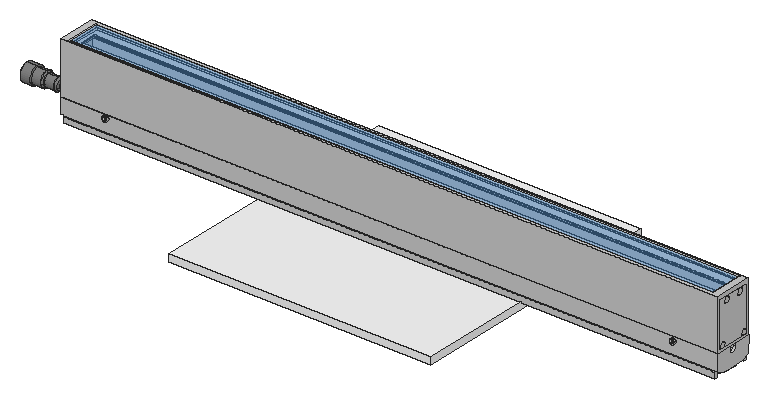
Revit family "BE_84178_de_DE", category Leuchten, Revit 2020
Family settings
  Basisbauteil = Fläche
  Bemaßung runder Anschluss = Durchmesser verwenden
  Teiletyp = Normal
  Beim Laden mit Abzugskörper schneiden = Ja
  Lichtquelle = Ja
  Gemeinsam genutzt = Nein
  Raumberechnungspunkt = Ja
Parameters (values of type "BEGA_84178_Silber")
  built-in parameter 1150104 = 8.4542 (stored number, unit not read)
  Wattage = 25.4 W
  Default Elevation = 0 mm
  built-in parameter 1150113 = 1 (stored number, unit not read)
  built-in parameter 1114218 = 1 (stored number, unit not read)
  Umgebungstemperatur = "25 °C"
  URL = "https://www.bega.com/de/produkt/84178"
  Typenkommentare = "© 2022 BEGA. Wir behalten uns das Recht vor, technische Änderungen ohne vorherige Ankündigung vorzunehmen."  # constant formula
  Type Image = 84178.png
  built-in parameter 1150134 = (empty or 0)
  built-in parameter 1150109 = 1 (stored number, unit not read)
  Strom = ""
  built-in parameter 1150110 = 1 (stored number, unit not read)
  Spannung = 239.996 V
  Sonderanfertigung = no
  Seriennummer [instance] = "Hier können Sie die eindeutige Seriennummer für das Facility Management eintragen."
  Schutzklasse = "I"
  Schutzart = "IP 65"
  Scheinlast = 0 VA
  Produktdatenblatt = "https://cdn.bega.com/bega/products/84178/current/documents/data-sheets/de"
  Oberflächentemperatur = ""
  Neigungswinkel = 0.00°
  Modell = "84178A"
  Material_18 = BEGA_Gummi_schwarz
  Material_17 = BEGA_Reflektor
  Material_15 = BEGA_Leuchtmedium_matt
  Material_11 = BEGA_Glas_opal
  Material_10 = BEGA_Glas_matt
  Material_09 = BEGA_Glas_klar
  Material_06 = BEGA_Oberfläche_Edelstahl_gebürstet
  Material_04 = BEGA_Kunststoff_Grafit_matt
  Material_03 = BEGA_Oberfläche_Weiss_matt
  Material_02 = BEGA_Oberfläche_Silber_matt
  Material_01 [instance] = BEGA_Oberfläche_Grafit_matt
  M_W = no
  M_G = no
  M_A = yes
  Logo = 0
  built-in parameter 1114217 = 1 (stored number, unit not read)
  built-in parameter 1150139 = (empty or 0)
  built-in parameter 1150105 = 183.94 (stored number, unit not read)
  built-in parameter 1150114 = 1 (stored number, unit not read)
  Lumens = 2311.4 lm
  built-in parameter 1150115 = 1 (stored number, unit not read)
  Leuchtenlichtstrom = "1103 lm"
  Leuchtenanzahl = ""
  Lebensdauerkriterien = "L70B50 @ 25 °C = 200000 h"
  Lastklassifizierung = Beleuchtung
  built-in parameter 1150112 = 1 (stored number, unit not read)
  Lampenlichtstrom = "2330 lm"
  Lampe = "LED 23.4 W"
  LED_Modulbezeichnung = "2x LED-0921/RGBW"
  built-in parameter 1150142 = (empty or 0)
  Hersteller = "BEGA"  # constant formula
  Halbstreuwinkel = ""
  Gewicht = "5.8 kg"
  Gebrauchslageneinschränkung [instance] = ""
  Frequenz = "0/50-60 Hz"
  Farbwiedergabeindex = ""
  Dimming Lamp Color Temperature Shift = (empty or 0)
  Farbtemperatur = ""
  Color Filter = 16777215
  built-in parameter 1150133 = 10 (stored number, unit not read)
  Energieeffizienzklasse = "LED A++ - A"
  built-in parameter 1150137 = (empty or 0)
  built-in parameter 1150132 = (empty or 0)
  ENEC = "ja"
  Dimmbar [instance] = "DALI DT8 (RGBWAF)"
  Datei für fotometrisches Netz = "BE_84178.IES"
  CE_Konformität = "ja"
  Bestellnummer = "84178A"
  Beschreibung_Sonderanfertigung = "Hier können Sie Informationen zur Sonderanfertigung eintragen."
  Beschreibung = "Fassadenscheinwerfer RGBW"
  built-in parameter 1150106 = 1.8394 (stored number, unit not read)
  Befestigungsbohrung = "Ø 7 mm"
  Befestigungsabstand = "875 mm"
  Ballwurfsicher = ""
  BEGA_Intern_aus = yes
  BEGA_Intern_an = yes
  BEGA_Intern_Konstruktion = yes
  BEGA_Intern = yes
  BEGA_IES = yes
  BEGA_Dummy = no
  Anschlussleitung = "0.5 m"
  Anschlussleistung [instance] = "28 W"
  Anschlusskasten = ""
  built-in parameter 1150107 = 3000 (stored number, unit not read)
  built-in parameter 1150102 = (empty or 0)
  built-in parameter 1150138 = (empty or 0)
  Aktualisierung = "2022-05-19T04:00:07"
  Abstand_zur_angestrahlten_Fläche [instance] = ""
  AC/DC = "AC/DC"
Types (2, lengths in mm): name | Modell | M_G | M_A | Bestellnummer
  BEGA_84178_Silber | "84178A" | no | yes | "84178A"
  BEGA_84178_Grafit | "84178" | yes | no | "84178"
Reference planes
  plane 1 "Mitte (Vorne/Hinten)": y = 0
  plane 2: z = 0
  plane 3 "Mitte (Links/Rechts)": x = 0
  plane 4 "Links": x = -500
  plane 5 "Rechts": x = 500
  plane 6 "Unten": y = -29
  plane 7 "Oben": y = 29
  plane 8 "Vorne": z = 113
  plane 9 "Hinten": z = 0
Forms (mm)
  Extrusion 1, solid, material "BEGA_Platte_Weiss"
    sketch origin (0, -1119.2, 0) x (1, 0, 0) y (0, 1, 0)
      loop
        line (-200, 1319.2) -> (-200, 919.2) -> (200, 919.2) -> (200, 1319.2) -> (-200, 1319.2)
    from 0 to -10
  Extrusion 2, solid, material "BEGA_Dummy_matt", visible <- "BEGA_Dummy"
    sketch origin (80.095, -76.023, 0) x (1, 0, 0) y (0, 1, 0)
      loop
        line (-580.095, 105.023) -> (-580.095, 47.023) -> (419.905, 47.023) -> (419.905, 105.023) -> (-580.095, 105.023)
    from 0 to 113
Dimensions and locks
  plane 1 "Mitte (Vorne/Hinten)" to Extrusion 1 = 200 mm
  aligned and locked: plane 2 to Extrusion 1
  aligned and locked: level to Extrusion 1
Nested families
  nested 1: "BE_84178_Scheinwerfer" at (0, 0, 0), type "BE_84178_Scheinwerfer"
Connectors
  electrical at (0, 0, 0), driven by "Lastklassifizierung", driven by "Spannung", driven by "Scheinlast"
    settings: index 1, voltage 239.996 V, apparent load 0 VA, apparent load phase1 0 VA, apparent load phase2 0 VA, apparent load phase3 0 VA, power factor 1, load classification "Beleuchtung", number of poles 1, system type 31, power factor state 1, is connector primary yes, connector utility no, sub classification motor no, connector description ""
Definition of nested family "BE_84178_Scheinwerfer"
  Parameters (values of type "BE_84178_Scheinwerfer")
    Default Elevation = 1 mm
    URL = "http://www.bega.de/de/produkt"
    Type Comments = "© 2015 BEGA. Wir behalten uns das Recht vor, technische Änderungen ohne vorherige Ankündigung vorzunehmen. "  # constant formula
    Type Image = (empty or 0)
    Material_18 = none
    Material_17 = none
    Material_15 = none
    Material_11 = none
    Material_10 = none
    Material_09 = none
    Material_06 = none
    Material_04 = none
    Material_03 = none
    Material_02 = none
    Material_01 = none
    M_W = yes
    M_G = yes
    M_A = yes
    Länge_Platte = 1200 mm  # constant formula
    Höhe_Platte = -10 mm  # constant formula
    Manufacturer = "BEGA"  # constant formula
    Breite_Platte = 200 mm  # constant formula
  Reference planes
    plane 1 "Mitte (Oben/Unten)": y = 0
    plane 2: z = 0
    plane 3 "Mitte (Links/Rechts)": x = 0
    plane 4: z = 113.3
    plane 5: y = -29
    plane 6: y = 29
    plane 7: x = -581.9
    plane 8: x = 500
  Forms (mm)
    Extrusion 1, solid, detail levels medium
      sketch origin (0, 0, 0) x (1, 0, 0) y (0, 1, 0)
        loop
          line (-600, 100) -> (-600, -100) -> (600, -100) -> (600, 100) -> (-600, 100)
      from 0 to -10 <- "Höhe_Platte"
    Extrusion 2, solid, material <- "Material_01", visible <- "M_G", detail levels medium+fine
      sketch origin (0, 0, 0) x (0, 1, 0) y (0, 0, 1)
        loop
          line (-29, 0) -> (-26.3, 0) -> (-26.3, 4.91)
          arc (-26.3, 4.91) -> (-26.086, 5.32) -> (-25.627, 5.379) r 0.5
          arc (-25.627, 5.379) -> (-17.92, 3.003) -> (-10, 1.479) r 74
          line (-10, 1.479) -> (-10, 0.2) -> (10, 0.2) -> (10, 1.482)
          arc (10, 1.482) -> (17.921, 3.006) -> (25.629, 5.383) r 73.998
          arc (25.629, 5.383) -> (26.086, 5.326) -> (26.299, 4.918) r 0.497
          line (26.299, 4.918) -> (26.299, 0) -> (29, 0) -> (29, 8.899)
          arc (29, 8.899) -> (28.775, 9.317) -> (28.302, 9.358) r 0.5
          arc (28.302, 9.358) -> (0, 3.5) -> (-28.301, 9.358) r 71.3
          arc (-28.301, 9.358) -> (-28.774, 9.317) -> (-29, 8.899) r 0.5
          line (-29, 8.899) -> (-29, 0)
      from -496 to 496
    Extrusion 3, solid, material <- "Material_01", visible <- "M_G", detail levels medium+fine
      sketch origin (0, 0, 0) x (0, 1, 0) y (0, 0, 1)
        loop
          arc (-29, 9.993) -> (0, 3.8) -> (29, 9.993) r 71
          line (29, 9.993) -> (29, 34.8) -> (25.401, 34.8) -> (25.401, 12.395)
          arc (25.401, 12.395) -> (0, 7.696) -> (-25.401, 12.395) r 71
          line (-25.401, 12.395) -> (-25.401, 34.8) -> (-29, 34.8) -> (-29, 9.993)
      from -496 to 496
    Sweep 4, solid, material <- "Material_01", visible <- "M_G", detail levels medium+fine
      path origin (0, 0, 0) x (1, 0, 0) y (0, 1, 0)
        loop
          line (-500, 29) -> (-500, -29) -> (500, -29) -> (500, 29) -> (-500, 29)
      profile origin (-500, 0, 0) x (1, 0, 0) y (0, 0, 1)
        loop
          line (0, 113.3) -> (0, 34.8) -> (11, 34.8) -> (11, 40.679) -> (3.5, 40.679) -> (3.5, 103.406) -> (17.035, 103.406)
          arc (17.035, 103.406) -> (17.719, 103.711) -> (18, 104.406) r 1
          line (18, 104.406) -> (18, 105.896)
          arc (18, 105.896) -> (17.713, 106.596) -> (17.017, 106.895) r 1
          line (17.017, 106.895) -> (11.125, 106.895) -> (8.794, 113.3) -> (0, 113.3)
    Extrusion 5, void
      sketch origin (239, 0, 0) x (1, 0, 0) y (0, 0, 1)
        loop
          line (261, 37.756) -> (261, 107.746) -> (258.218, 107.746) -> (258.218, 37.756) -> (261, 37.756)
      from -26.267 to 26.244
    Extrusion 6, solid, material <- "Material_01", visible <- "M_G", detail levels medium+fine
      sketch origin (239, 0, 0) x (1, 0, 0) y (0, 0, 1)
        loop
          line (261, 106.748) -> (258.218, 106.748) -> (258.218, 38.353) -> (261, 38.353) -> (261, 106.748)
      from -25.5 to 25.5
    Extrusion 7, solid, material <- "Material_01", visible <- "M_G", detail levels medium+fine
      sketch origin (0, 0, 0) x (0, 1, 0) y (0, 0, 1)
        loop
          line (-29, 34.8) -> (-29, 9.993)
          arc (-29, 9.993) -> (0, 3.8) -> (29, 9.993) r 71
          line (29, 9.993) -> (29, 34.8) -> (6, 34.8) -> (6, 29.8)
          arc (6, 29.8) -> (0, 23.8) -> (-6, 29.8) r 6
          line (-6, 29.8) -> (-6, 34.8) -> (-29, 34.8)
      from 496 to 500
    Extrusion 8, solid, material <- "Material_01", visible <- "M_G", detail levels medium+fine
      sketch origin (-239, 0, 0) x (0, 1, 0) y (0, 0, -1)
        loop
          line (-29, -34.8) -> (-6, -34.8) -> (-6, -29.8)
          arc (-6, -29.8) -> (0, -23.8) -> (6, -29.8) r 6
          line (6, -29.8) -> (6, -34.8) -> (29, -34.8) -> (29, -10.487)
          arc (29, -10.487) -> (0, -4.294) -> (-29, -10.487) r 71
          line (-29, -10.487) -> (-29, -34.8)
      from 257 to 261
    Extrusion 9, void
      sketch origin (0, 0, 0) x (1, 0, 0) y (0, 1, 0)
        loop
          circle (0, 0) r 7.5
        loop
          circle (-440, 0) r 3.5
        loop
          circle (440, 0) r 3.5
      from 0 to 10
    Revolve 10, solid, material <- "Material_01", visible <- "M_G", detail levels medium+fine
      sketch origin (-432, 0, 0) x (0, 1, 0) y (0, 0, 1)
        loop
          line (-31.453, 32.75) -> (-31.453, 31.8) -> (-27.5, 31.8) -> (-27.5, 32.75) -> (-31.453, 32.75)
        axis (-31.453, 28.8) -> (-27.5, 28.8)
      angle from 0 to 360
    Revolve 11, solid, material <- "Material_01", visible <- "M_G", detail levels medium+fine
      sketch origin (432, 0, 0) x (0, 1, 0) y (0, 0, -1)
        loop
          line (-31.453, -32.75) -> (-27.5, -32.75) -> (-27.5, -31.8) -> (-31.453, -31.8) -> (-31.453, -32.75)
        axis (-31.453, -28.8) -> (-27.5, -28.8)
      angle from 0 to 360
    Revolve 12, solid, material <- "Material_06", detail levels fine
      sketch origin (-432, 0, 0) x (0, 1, 0) y (0, 0, 1)
        loop
          line (-30.053, 31.8) -> (-30.053, 28.8) -> (-26.193, 28.8) -> (-26.193, 31.8) -> (-30.053, 31.8)
        axis (-30.053, 28.8) -> (-26.193, 28.8)
      angle from 0 to 360
    Revolve 13, solid, material <- "Material_06", detail levels fine
      sketch origin (432, 0, 0) x (0, 1, 0) y (0, 0, -1)
        loop
          line (-30.053, -31.8) -> (-26.193, -31.8) -> (-26.193, -28.8) -> (-30.053, -28.8) -> (-30.053, -31.8)
        axis (-30.053, -28.8) -> (-26.193, -28.8)
      angle from 0 to 360
    Revolve 14, solid, material <- "Material_04", detail levels medium+fine
      sketch origin (-239, 0, 0) x (1, 0, 0) y (0, 0, 1)
        loop
          line (-320.8, 43.3) -> (-335.5, 43.3) -> (-336.7, 42.1) -> (-336.7, 32.8) -> (-342.9, 32.8) -> (-342.9, 29.8) -> (-260.5, 29.8) -> (-260.5, 34.15) -> (-284, 34.15) -> (-284, 37.8) -> (-287, 39.3) -> (-288, 39.3)
          arc (-288, 39.3) -> (-288.146, 38.947) -> (-288.5, 38.8) r 0.5
          line (-288.5, 38.8) -> (-302.464, 38.8)
          arc (-302.464, 38.8) -> (-303.418, 38.99) -> (-304.228, 39.528) r 2.5
          line (-304.228, 39.528) -> (-305.707, 41.008)
          arc (-305.707, 41.008) -> (-306.032, 41.224) -> (-306.414, 41.3) r 1
          line (-306.414, 41.3) -> (-320, 41.3) -> (-320, 39.8) -> (-320.8, 39.8) -> (-320.8, 43.3)
        axis (-342.9, 29.8) -> (-260.5, 29.8)
      angle from 0 to 360
    Revolve 15, void
      sketch origin (239, -12.5, -0.101) x (1, 0, 0) y (0, 0, 1)
        loop
          line (261.225, 106.482) -> (258.494, 103.752) -> (258.494, 101.902) -> (261.225, 101.902) -> (261.225, 106.482)
        axis (258.494, 101.902) -> (261.225, 101.902)
      angle from 0 to 360
    Revolve 16, void
      sketch origin (239, 12.5, -0.101) x (1, 0, 0) y (0, 0, -1)
        loop
          line (261.225, -106.482) -> (261.225, -101.902) -> (258.494, -101.902) -> (258.494, -103.752) -> (261.225, -106.482)
        axis (258.494, -101.902) -> (261.225, -101.902)
      angle from 0 to 360
    Revolve 17, void
      sketch origin (239, -20.5, -58.602) x (1, 0, 0) y (0, 0, 1)
        loop
          line (261.225, 106.482) -> (258.494, 103.752) -> (258.494, 101.902) -> (261.225, 101.902) -> (261.225, 106.482)
        axis (258.494, 101.902) -> (261.225, 101.902)
      angle from 0 to 360
    Revolve 18, void
      sketch origin (239, 20.5, -58.602) x (1, 0, 0) y (0, 0, -1)
        loop
          line (261.225, -106.482) -> (261.225, -101.902) -> (258.494, -101.902) -> (258.494, -103.752) -> (261.225, -106.482)
        axis (258.494, -101.902) -> (261.225, -101.902)
      angle from 0 to 360
    Extrusion 19, solid, material <- "Material_06", detail levels fine
      sketch origin (239.494, 0, 0) x (0, 1, 0) y (0, 0, 1)
        loop
          circle (-12.5, 101.8) r 4.009
        loop
          circle (12.5, 101.8) r 4.009
        loop
          circle (-20.5, 43.3) r 4.009
        loop
          circle (20.5, 43.3) r 4.009
      from 259.244 to 260.506
    Extrusion 20, solid, material <- "Material_10", detail levels medium+fine
      sketch origin (0, 0, 0) x (1, 0, 0) y (0, 0, 1)
        loop
          line (-489.25, 113) -> (-489.25, 109) -> (489.25, 109) -> (489.25, 113) -> (-489.25, 113)
      from -25 to 25
    Sweep 21, void
      path origin (0, 0, 0) x (1, 0, 0) y (0, 1, 0)
        loop
          line (493.606, 29) -> (-493.606, 29) -> (-493.606, -29) -> (493.606, -29) -> (493.606, 29)
      profile origin (0, 29, 0) x (0, -1, 0) y (0, 0, 1)
        loop
          line (12.06, 106.895) -> (9.517, 113.881) -> (2.237, 113.881) -> (4.779, 106.895) -> (12.06, 106.895)
    Extrusion 22, solid, material <- "Material_02", visible <- "M_A", detail levels medium+fine
      sketch origin (0, 0, 0) x (0, 1, 0) y (0, 0, 1)
        loop
          line (-29, 0) -> (-26.3, 0) -> (-26.3, 4.91)
          arc (-26.3, 4.91) -> (-26.086, 5.32) -> (-25.627, 5.379) r 0.5
          arc (-25.627, 5.379) -> (-17.92, 3.003) -> (-10, 1.479) r 74
          line (-10, 1.479) -> (-10, 0.2) -> (10, 0.2) -> (10, 1.482)
          arc (10, 1.482) -> (17.921, 3.006) -> (25.629, 5.383) r 73.998
          arc (25.629, 5.383) -> (26.086, 5.326) -> (26.299, 4.918) r 0.497
          line (26.299, 4.918) -> (26.299, 0) -> (29, 0) -> (29, 8.899)
          arc (29, 8.899) -> (28.775, 9.317) -> (28.302, 9.358) r 0.5
          arc (28.302, 9.358) -> (0, 3.5) -> (-28.301, 9.358) r 71.3
          arc (-28.301, 9.358) -> (-28.774, 9.317) -> (-29, 8.899) r 0.5
          line (-29, 8.899) -> (-29, 0)
      from -496 to 496
    Extrusion 23, solid, material <- "Material_02", visible <- "M_A", detail levels medium+fine
      sketch origin (0, 0, 0) x (0, 1, 0) y (0, 0, 1)
        loop
          arc (-29, 9.993) -> (0, 3.8) -> (29, 9.993) r 71
          line (29, 9.993) -> (29, 34.8) -> (25.401, 34.8) -> (25.401, 12.395)
          arc (25.401, 12.395) -> (0, 7.696) -> (-25.401, 12.395) r 71
          line (-25.401, 12.395) -> (-25.401, 34.8) -> (-29, 34.8) -> (-29, 9.993)
      from -496 to 496
    Extrusion 24, solid, material <- "Material_02", visible <- "M_A", detail levels medium+fine
      sketch origin (0, 0, 0) x (0, 1, 0) y (0, 0, 1)
        loop
          line (-29, 34.8) -> (-29, 9.993)
          arc (-29, 9.993) -> (0, 3.8) -> (29, 9.993) r 71
          line (29, 9.993) -> (29, 34.8) -> (6, 34.8) -> (6, 29.8)
          arc (6, 29.8) -> (0, 23.8) -> (-6, 29.8) r 6
          line (-6, 29.8) -> (-6, 34.8) -> (-29, 34.8)
      from 496 to 500
    Extrusion 25, solid, material <- "Material_02", visible <- "M_A", detail levels medium+fine
      sketch origin (-239, 0, 0) x (0, 1, 0) y (0, 0, -1)
        loop
          line (-29, -34.8) -> (-6, -34.8) -> (-6, -29.8)
          arc (-6, -29.8) -> (0, -23.8) -> (6, -29.8) r 6
          line (6, -29.8) -> (6, -34.8) -> (29, -34.8) -> (29, -10.487)
          arc (29, -10.487) -> (0, -4.294) -> (-29, -10.487) r 71
          line (-29, -10.487) -> (-29, -34.8)
      from 257 to 261
    Revolve 26, solid, material <- "Material_02", visible <- "M_A", detail levels medium+fine
      sketch origin (-432, 0, 0) x (0, 1, 0) y (0, 0, 1)
        loop
          line (-31.453, 32.75) -> (-31.453, 31.8) -> (-27.5, 31.8) -> (-27.5, 32.75) -> (-31.453, 32.75)
        axis (-31.453, 28.8) -> (-27.5, 28.8)
      angle from 0 to 360
    Revolve 27, solid, material <- "Material_02", visible <- "M_A", detail levels medium+fine
      sketch origin (432, 0, 0) x (0, 1, 0) y (0, 0, -1)
        loop
          line (-31.453, -32.75) -> (-27.5, -32.75) -> (-27.5, -31.8) -> (-31.453, -31.8) -> (-31.453, -32.75)
        axis (-31.453, -28.8) -> (-27.5, -28.8)
      angle from 0 to 360
    Sweep 28, solid, material <- "Material_02", visible <- "M_A", detail levels medium+fine
      path origin (0, 0, 0) x (1, 0, 0) y (0, 1, 0)
        loop
          line (-500, 29) -> (-500, -29) -> (500, -29) -> (500, 29) -> (-500, 29)
      profile origin (-500, 0, 0) x (1, 0, 0) y (0, 0, 1)
        loop
          line (0, 113.3) -> (0, 34.8) -> (11, 34.8) -> (11, 40.679) -> (3.5, 40.679) -> (3.5, 103.406) -> (17.035, 103.406)
          arc (17.035, 103.406) -> (17.719, 103.711) -> (18, 104.406) r 1
          line (18, 104.406) -> (18, 105.896)
          arc (18, 105.896) -> (17.713, 106.596) -> (17.017, 106.895) r 1
          line (17.017, 106.895) -> (11.125, 106.895) -> (8.794, 113.3) -> (0, 113.3)
    Extrusion 29, solid, material <- "Material_02", visible <- "M_A", detail levels medium+fine
      sketch origin (239.281, 0, 0) x (1, 0, 0) y (0, 0, 1)
        loop
          line (260.719, 106.748) -> (257.938, 106.748) -> (257.938, 38.353) -> (260.719, 38.353) -> (260.719, 106.748)
      from -25.5 to 25.5
  Cuts and joins
    Extrusion 5, Sweep 21 cuts Sweep 4
    Extrusion 9 cuts Extrusion 3
    Extrusion 9 cuts Extrusion 7
    Extrusion 9 cuts Extrusion 8
    joined: Extrusion 3, Extrusion 7, Extrusion 8, Revolve 10, Revolve 11
    Extrusion 9 cuts Extrusion 2
    Revolve 15, Revolve 16, Revolve 17, Revolve 18 cuts Extrusion 6
    Extrusion 9 cuts Extrusion 22
    joined: Extrusion 23, Extrusion 24, Extrusion 25, Revolve 26, Revolve 27
    Extrusion 5, Revolve 16, Sweep 21 cuts Sweep 28
    Revolve 15, Revolve 16, Revolve 17, Revolve 18 cuts Extrusion 29
  Dimensions and locks
    equal spacing: Extrusion 1 sketch curve, plane 3 "Mitte (Links/Rechts)", Extrusion 1 sketch curve
    equal spacing: Extrusion 1 sketch curve, plane 1 "Mitte (Oben/Unten)", Extrusion 1 sketch curve
    "Länge_Platte": Extrusion 1 sketch curve to Extrusion 1 sketch curve
    "Breite_Platte": Extrusion 1 sketch curve to Extrusion 1 sketch curve
    aligned and locked: Extrusion 1 to plane 2
    aligned and locked: level to Extrusion 1
  Automatic sketch dimensions
    Extrusion 2 sketch curve to Extrusion 2 sketch curve = 0 mm  (x5)
    Extrusion 2 sketch curve to level = 0 mm  (x2)
    level to Extrusion 2 sketch curve = 8.899 mm
    plane 1 "Mitte (Oben/Unten)" to Extrusion 2 sketch curve = 29 mm
    Extrusion 2 sketch curve to Extrusion 2 sketch curve = 0.5 mm  (x2)
    Extrusion 2 sketch curve to Extrusion 2 sketch curve = 2.7 mm
    level to Extrusion 2 sketch curve = 0.2 mm
    plane 1 "Mitte (Oben/Unten)" to Extrusion 2 sketch curve = 10 mm
    Extrusion 2 sketch curve to plane 1 "Mitte (Oben/Unten)" = 0 mm  (x2)
    Extrusion 2 sketch curve to plane 1 "Mitte (Oben/Unten)" = 10 mm
    level to Extrusion 2 sketch curve = 4.918 mm
    Extrusion 2 sketch curve to Extrusion 2 sketch curve = 15.802 mm
    Extrusion 2 sketch curve to Extrusion 2 sketch curve = 0.497 mm
    Extrusion 2 sketch curve to Extrusion 2 sketch curve = 2.201 mm
    Extrusion 2 sketch curve to Extrusion 2 sketch curve = 2.701 mm
    Extrusion 2 sketch curve to Extrusion 2 sketch curve = 1.279 mm
    Extrusion 2 sketch curve to Extrusion 2 sketch curve = 1.282 mm
    Extrusion 2 sketch curve to Extrusion 2 sketch curve = 3.989 mm
    Extrusion 2 sketch curve to Extrusion 2 sketch curve = 3.981 mm
    Extrusion 2 sketch curve to Extrusion 2 sketch curve = 65.901 mm
    Extrusion 2 sketch curve to Extrusion 2 sketch curve = 0.002 mm
    Extrusion 2 sketch curve to Extrusion 2 sketch curve = 0.198 mm  (x2)
    Extrusion 3 sketch curve to plane 1 "Mitte (Oben/Unten)" = 0 mm  (x2)
    plane 1 "Mitte (Oben/Unten)" to Extrusion 3 sketch curve = 25.401 mm
    Extrusion 3 sketch curve to Extrusion 3 sketch curve = 3.599 mm  (x2)
    level to Extrusion 3 sketch curve = 12.395 mm
    Extrusion 3 sketch curve to plane 1 "Mitte (Oben/Unten)" = 25.401 mm
    Extrusion 3 sketch curve to Extrusion 3 sketch curve = 2.402 mm
    Extrusion 3 sketch curve to Extrusion 3 sketch curve = 22.405 mm  (x2)
    Extrusion 3 sketch curve to Extrusion 3 sketch curve = 40 mm
    Extrusion 3 sketch curve to Extrusion 3 sketch curve = 3.895 mm
    profile plane to Sweep 4 sketch curve = 0 mm
    Sweep 4 sketch curve to profile plane = 3.5 mm
    Sweep 4 sketch curve to profile plane = 8.794 mm
    Sweep 4 sketch curve to Sweep 4 sketch curve = 7.5 mm
    Sweep 4 sketch curve to Sweep 4 sketch curve = 2.331 mm
    Sweep 4 sketch curve to Sweep 4 sketch curve = 5.875 mm
    Sweep 4 sketch curve to Sweep 4 sketch curve = 0 mm
    Sweep 4 sketch curve to Sweep 4 sketch curve = 0.017 mm
    Sweep 4 sketch curve to Sweep 4 sketch curve = 0.035 mm
    Sweep 4 sketch curve to Sweep 4 sketch curve = 1 mm
    level to Sweep 4 sketch curve = 34.8 mm
    Sweep 4 sketch curve to Sweep 4 sketch curve = 5.878 mm
    Sweep 4 sketch curve to Sweep 4 sketch curve = 62.728 mm
    Sweep 4 sketch curve to Sweep 4 sketch curve = 1.49 mm
    Sweep 4 sketch curve to Sweep 4 sketch curve = 9.894 mm
    level to Extrusion 5 sketch curve = 37.756 mm
    plane 3 "Mitte (Links/Rechts)" to Extrusion 5 sketch curve = 497.218 mm
    Extrusion 5 sketch curve to Extrusion 5 sketch curve = 2.782 mm
    Extrusion 5 sketch curve to Extrusion 5 sketch curve = 69.99 mm
    level to Extrusion 6 sketch curve = 38.353 mm
    plane 3 "Mitte (Links/Rechts)" to Extrusion 6 sketch curve = 497.218 mm
    Extrusion 6 sketch curve to Extrusion 6 sketch curve = 2.782 mm
    Extrusion 6 sketch curve to Extrusion 6 sketch curve = 68.395 mm
    Extrusion 7 sketch curve to plane 1 "Mitte (Oben/Unten)" = 0 mm  (x2)
    plane 1 "Mitte (Oben/Unten)" to Extrusion 7 sketch curve = 6 mm
    Extrusion 7 sketch curve to Extrusion 7 sketch curve = 23 mm
    level to Extrusion 7 sketch curve = 9.993 mm
    Extrusion 7 sketch curve to plane 1 "Mitte (Oben/Unten)" = 29 mm
    level to Extrusion 7 sketch curve = 29.8 mm
    Extrusion 7 sketch curve to Extrusion 7 sketch curve = 5 mm  (x2)
    Extrusion 7 sketch curve to Extrusion 7 sketch curve = 40 mm
    Extrusion 8 sketch curve to plane 1 "Mitte (Oben/Unten)" = 0 mm  (x2)
    plane 1 "Mitte (Oben/Unten)" to Extrusion 8 sketch curve = 6 mm
    Extrusion 8 sketch curve to Extrusion 8 sketch curve = 23 mm
    level to Extrusion 8 sketch curve = 10.487 mm
    Extrusion 8 sketch curve to plane 1 "Mitte (Oben/Unten)" = 29 mm
    level to Extrusion 8 sketch curve = 29.8 mm
    Extrusion 8 sketch curve to Extrusion 8 sketch curve = 5 mm  (x2)
    Extrusion 8 sketch curve to Extrusion 8 sketch curve = 40.494 mm
    plane 1 "Mitte (Oben/Unten)" to Revolve 10 sketch curve = 31.453 mm
    Revolve 10 sketch curve to Revolve 10 sketch curve = 3.953 mm
    level to Revolve 10 sketch curve = 31.8 mm
    Revolve 10 sketch curve to Revolve 10 sketch curve = 0.95 mm
    Revolve 10 sketch curve to Revolve 10 sketch curve = 0.641 mm
    Revolve 10 sketch curve to Revolve 10 sketch curve = 2.294 mm
    Revolve 10 sketch curve to Revolve 10 sketch curve = 3 mm
    plane 1 "Mitte (Oben/Unten)" to Revolve 11 sketch curve = 31.453 mm
    Revolve 11 sketch curve to Revolve 11 sketch curve = 3.953 mm
    level to Revolve 11 sketch curve = 32.75 mm
    Revolve 11 sketch curve to Revolve 11 sketch curve = 0.95 mm
    Revolve 11 sketch curve to Revolve 11 sketch curve = 0.641 mm
    Revolve 11 sketch curve to Revolve 11 sketch curve = 2.294 mm
    Revolve 11 sketch curve to Revolve 11 sketch curve = 3 mm
    plane 1 "Mitte (Oben/Unten)" to Revolve 12 sketch curve = 30.053 mm
    Revolve 12 sketch curve to Revolve 12 sketch curve = 3.861 mm
    level to Revolve 12 sketch curve = 28.8 mm
    Revolve 12 sketch curve to Revolve 12 sketch curve = 3 mm
    Revolve 12 sketch curve to Revolve 12 sketch curve = 1.053 mm
    Revolve 12 sketch curve to Revolve 12 sketch curve = 1.25 mm
    Revolve 12 sketch curve to Revolve 12 sketch curve = 0 mm
    plane 1 "Mitte (Oben/Unten)" to Revolve 13 sketch curve = 30.053 mm
    Revolve 13 sketch curve to Revolve 13 sketch curve = 3.861 mm
    level to Revolve 13 sketch curve = 31.8 mm
    Revolve 13 sketch curve to Revolve 13 sketch curve = 3 mm
    Revolve 13 sketch curve to Revolve 13 sketch curve = 1.053 mm
    Revolve 13 sketch curve to Revolve 13 sketch curve = 1.25 mm
    Revolve 13 sketch curve to Revolve 13 sketch curve = 0 mm
    level to Revolve 14 sketch curve = 29.8 mm
    Revolve 14 sketch curve to plane 3 "Mitte (Links/Rechts)" = 581.9 mm
    level to Revolve 14 sketch curve = 42.1 mm
    Revolve 14 sketch curve to Revolve 14 sketch curve = 6.2 mm
    level to Revolve 14 sketch curve = 43.3 mm
    Revolve 14 sketch curve to Revolve 14 sketch curve = 1.2 mm
    Revolve 14 sketch curve to Revolve 14 sketch curve = 14.7 mm
    Revolve 14 sketch curve to Revolve 14 sketch curve = 0.8 mm
    Revolve 14 sketch curve to Revolve 14 sketch curve = 13.586 mm
    level to Revolve 14 sketch curve = 39.528 mm
    Revolve 14 sketch curve to Revolve 14 sketch curve = 2.187 mm
    Revolve 14 sketch curve to Revolve 14 sketch curve = 1.763 mm
    Revolve 14 sketch curve to Revolve 14 sketch curve = 13.964 mm
    Revolve 14 sketch curve to Revolve 14 sketch curve = 0.5 mm
    Revolve 14 sketch curve to Revolve 14 sketch curve = 1 mm  (x2)
    level to Revolve 14 sketch curve = 37.8 mm
    Revolve 14 sketch curve to Revolve 14 sketch curve = 3 mm  (x2)
    Revolve 14 sketch curve to Revolve 14 sketch curve = 23.5 mm
    Revolve 14 sketch curve to Revolve 14 sketch curve = 4.35 mm
    Revolve 14 sketch curve to Revolve 14 sketch curve = 3.5 mm
    Revolve 14 sketch curve to Revolve 14 sketch curve = 0.772 mm
    Revolve 14 sketch curve to Revolve 14 sketch curve = 1.5 mm
    Revolve 14 sketch curve to Revolve 14 sketch curve = 0.707 mm
    level to Revolve 14 sketch curve = 41.008 mm
    Revolve 14 sketch curve to Revolve 14 sketch curve = 0 mm
    Revolve 14 sketch curve to Revolve 14 sketch curve = 3.702 mm
    Revolve 14 sketch curve to Revolve 14 sketch curve = 7.729 mm
    Revolve 14 sketch curve to Revolve 14 sketch curve = 9 mm
    level to Revolve 15 sketch curve = 101.8 mm
    plane 3 "Mitte (Links/Rechts)" to Revolve 15 sketch curve = 497.494 mm
    Revolve 15 sketch curve to Revolve 15 sketch curve = 2.731 mm  (x2)
    Revolve 15 sketch curve to Revolve 15 sketch curve = 1.85 mm
    Revolve 15 sketch curve to Revolve 15 sketch curve = 0 mm  (x2)
    Revolve 15 sketch curve to Revolve 15 sketch curve = 1.225 mm
    level to Revolve 16 sketch curve = 101.8 mm
    plane 3 "Mitte (Links/Rechts)" to Revolve 16 sketch curve = 497.494 mm
    Revolve 16 sketch curve to Revolve 16 sketch curve = 2.731 mm  (x2)
    Revolve 16 sketch curve to Revolve 16 sketch curve = 1.85 mm
    Revolve 16 sketch curve to Revolve 16 sketch curve = 0 mm  (x2)
    Revolve 16 sketch curve to Revolve 16 sketch curve = 1.225 mm
    level to Revolve 17 sketch curve = 43.3 mm
    plane 3 "Mitte (Links/Rechts)" to Revolve 17 sketch curve = 497.494 mm
    Revolve 17 sketch curve to Revolve 17 sketch curve = 2.731 mm  (x2)
    Revolve 17 sketch curve to Revolve 17 sketch curve = 1.85 mm
    Revolve 17 sketch curve to Revolve 17 sketch curve = 0 mm  (x2)
    Revolve 17 sketch curve to Revolve 17 sketch curve = 1.225 mm
    level to Revolve 18 sketch curve = 43.3 mm
    plane 3 "Mitte (Links/Rechts)" to Revolve 18 sketch curve = 497.494 mm
    Revolve 18 sketch curve to Revolve 18 sketch curve = 2.731 mm  (x2)
    Revolve 18 sketch curve to Revolve 18 sketch curve = 1.85 mm
    Revolve 18 sketch curve to Revolve 18 sketch curve = 0 mm  (x2)
    Revolve 18 sketch curve to Revolve 18 sketch curve = 1.225 mm
    plane 1 "Mitte (Oben/Unten)" to Extrusion 19 sketch curve = 20.5 mm
    plane 1 "Mitte (Oben/Unten)" to Extrusion 19 sketch curve = 12.5 mm
    Extrusion 19 sketch curve to plane 1 "Mitte (Oben/Unten)" = 12.5 mm
    Extrusion 19 sketch curve to plane 1 "Mitte (Oben/Unten)" = 20.5 mm
    level to Extrusion 19 sketch curve = 43.3 mm
    Extrusion 19 sketch curve to Extrusion 19 sketch curve = 0 mm  (x2)
    Extrusion 19 sketch curve to Extrusion 19 sketch curve = 58.5 mm
    level to Extrusion 20 sketch curve = 109 mm
    Extrusion 20 sketch curve to plane 3 "Mitte (Links/Rechts)" = 489.25 mm
    plane 3 "Mitte (Links/Rechts)" to Extrusion 20 sketch curve = 489.25 mm
    Extrusion 20 sketch curve to Extrusion 20 sketch curve = 4 mm
    Sweep 21 sketch curve to profile plane = 2.237 mm
    Sweep 21 sketch curve to profile plane = 4.779 mm
    Sweep 21 sketch curve to Sweep 21 sketch curve = 7.28 mm  (x2)
    level to Sweep 21 sketch curve = 106.895 mm
    Sweep 21 sketch curve to Sweep 21 sketch curve = 6.985 mm
    Extrusion 22 sketch curve to Extrusion 22 sketch curve = 0 mm  (x5)
    Extrusion 22 sketch curve to level = 0 mm  (x2)
    level to Extrusion 22 sketch curve = 8.899 mm
    plane 1 "Mitte (Oben/Unten)" to Extrusion 22 sketch curve = 29 mm
    Extrusion 22 sketch curve to Extrusion 22 sketch curve = 0.5 mm  (x2)
    Extrusion 22 sketch curve to Extrusion 22 sketch curve = 2.7 mm
    level to Extrusion 22 sketch curve = 0.2 mm
    plane 1 "Mitte (Oben/Unten)" to Extrusion 22 sketch curve = 10 mm
    Extrusion 22 sketch curve to plane 1 "Mitte (Oben/Unten)" = 0 mm  (x2)
    Extrusion 22 sketch curve to plane 1 "Mitte (Oben/Unten)" = 10 mm
    level to Extrusion 22 sketch curve = 4.918 mm
    Extrusion 22 sketch curve to Extrusion 22 sketch curve = 15.802 mm
    Extrusion 22 sketch curve to Extrusion 22 sketch curve = 0.497 mm
    Extrusion 22 sketch curve to Extrusion 22 sketch curve = 2.201 mm
    Extrusion 22 sketch curve to Extrusion 22 sketch curve = 2.701 mm
    Extrusion 22 sketch curve to Extrusion 22 sketch curve = 1.279 mm
    Extrusion 22 sketch curve to Extrusion 22 sketch curve = 1.282 mm
    Extrusion 22 sketch curve to Extrusion 22 sketch curve = 3.989 mm
    Extrusion 22 sketch curve to Extrusion 22 sketch curve = 3.981 mm
    Extrusion 22 sketch curve to Extrusion 22 sketch curve = 65.901 mm
    Extrusion 22 sketch curve to Extrusion 22 sketch curve = 0.002 mm
    Extrusion 22 sketch curve to Extrusion 22 sketch curve = 0.198 mm  (x2)
    Extrusion 23 sketch curve to plane 1 "Mitte (Oben/Unten)" = 0 mm  (x2)
    plane 1 "Mitte (Oben/Unten)" to Extrusion 23 sketch curve = 25.401 mm
    Extrusion 23 sketch curve to Extrusion 23 sketch curve = 3.599 mm  (x2)
    level to Extrusion 23 sketch curve = 12.395 mm
    Extrusion 23 sketch curve to plane 1 "Mitte (Oben/Unten)" = 25.401 mm
    Extrusion 23 sketch curve to Extrusion 23 sketch curve = 2.402 mm
    Extrusion 23 sketch curve to Extrusion 23 sketch curve = 22.405 mm  (x2)
    Extrusion 23 sketch curve to Extrusion 23 sketch curve = 40 mm
    Extrusion 23 sketch curve to Extrusion 23 sketch curve = 3.895 mm
    Extrusion 24 sketch curve to plane 1 "Mitte (Oben/Unten)" = 0 mm  (x2)
    plane 1 "Mitte (Oben/Unten)" to Extrusion 24 sketch curve = 6 mm
    Extrusion 24 sketch curve to Extrusion 24 sketch curve = 23 mm
    level to Extrusion 24 sketch curve = 9.993 mm
    Extrusion 24 sketch curve to plane 1 "Mitte (Oben/Unten)" = 29 mm
    level to Extrusion 24 sketch curve = 29.8 mm
    Extrusion 24 sketch curve to Extrusion 24 sketch curve = 5 mm  (x2)
    Extrusion 24 sketch curve to Extrusion 24 sketch curve = 40 mm
    Extrusion 25 sketch curve to plane 1 "Mitte (Oben/Unten)" = 0 mm  (x2)
    plane 1 "Mitte (Oben/Unten)" to Extrusion 25 sketch curve = 6 mm
    Extrusion 25 sketch curve to Extrusion 25 sketch curve = 23 mm
    level to Extrusion 25 sketch curve = 10.487 mm
    Extrusion 25 sketch curve to plane 1 "Mitte (Oben/Unten)" = 29 mm
    level to Extrusion 25 sketch curve = 29.8 mm
    Extrusion 25 sketch curve to Extrusion 25 sketch curve = 5 mm  (x2)
    Extrusion 25 sketch curve to Extrusion 25 sketch curve = 40.494 mm
    plane 1 "Mitte (Oben/Unten)" to Revolve 26 sketch curve = 31.453 mm
    Revolve 26 sketch curve to Revolve 26 sketch curve = 3.953 mm
    level to Revolve 26 sketch curve = 31.8 mm
    Revolve 26 sketch curve to Revolve 26 sketch curve = 0.95 mm
    Revolve 26 sketch curve to Revolve 26 sketch curve = 0.641 mm
    Revolve 26 sketch curve to Revolve 26 sketch curve = 2.294 mm
    Revolve 26 sketch curve to Revolve 26 sketch curve = 3 mm
    plane 1 "Mitte (Oben/Unten)" to Revolve 27 sketch curve = 31.453 mm
    Revolve 27 sketch curve to Revolve 27 sketch curve = 3.953 mm
    level to Revolve 27 sketch curve = 32.75 mm
    Revolve 27 sketch curve to Revolve 27 sketch curve = 0.95 mm
    Revolve 27 sketch curve to Revolve 27 sketch curve = 0.641 mm
    Revolve 27 sketch curve to Revolve 27 sketch curve = 2.294 mm
    Revolve 27 sketch curve to Revolve 27 sketch curve = 3 mm
    profile plane to Sweep 28 sketch curve = 0 mm
    Sweep 28 sketch curve to profile plane = 3.5 mm
    Sweep 28 sketch curve to profile plane = 8.794 mm
    Sweep 28 sketch curve to Sweep 28 sketch curve = 7.5 mm
    Sweep 28 sketch curve to Sweep 28 sketch curve = 2.331 mm
    Sweep 28 sketch curve to Sweep 28 sketch curve = 5.875 mm
    Sweep 28 sketch curve to Sweep 28 sketch curve = 0 mm
    Sweep 28 sketch curve to Sweep 28 sketch curve = 0.017 mm
    Sweep 28 sketch curve to Sweep 28 sketch curve = 0.035 mm
    Sweep 28 sketch curve to Sweep 28 sketch curve = 1 mm
    level to Sweep 28 sketch curve = 34.8 mm
    Sweep 28 sketch curve to Sweep 28 sketch curve = 5.878 mm
    Sweep 28 sketch curve to Sweep 28 sketch curve = 62.728 mm
    Sweep 28 sketch curve to Sweep 28 sketch curve = 1.49 mm
    Sweep 28 sketch curve to Sweep 28 sketch curve = 9.894 mm
    level to Extrusion 29 sketch curve = 38.353 mm
    plane 3 "Mitte (Links/Rechts)" to Extrusion 29 sketch curve = 497.218 mm
    Extrusion 29 sketch curve to Extrusion 29 sketch curve = 2.782 mm
    Extrusion 29 sketch curve to Extrusion 29 sketch curve = 68.395 mm
    Sweep 28 sketch curve to plane 5 = 0 mm
    Sweep 28 sketch curve to plane 6 = 0 mm
    Sweep 4 sketch curve to plane 5 = 0 mm
    Sweep 4 sketch curve to plane 6 = 0 mm
    Sweep 21 sketch curve to plane 6 = 0 mm
    Sweep 21 sketch curve to plane 5 = 0 mm
    Extrusion 9 sketch curve to plane 1 "Mitte (Oben/Unten)" = 0 mm
    plane 1 "Mitte (Oben/Unten)" to Extrusion 9 sketch curve = 0 mm  (x2)
    Extrusion 9 sketch curve to plane 3 "Mitte (Links/Rechts)" = 0 mm
    Sweep 4 sketch curve to plane 3 "Mitte (Links/Rechts)" = 500 mm
    Extrusion 9 sketch curve to Extrusion 9 sketch curve = 440 mm
    Sweep 21 sketch curve to plane 3 "Mitte (Links/Rechts)" = 493.606 mm
    Sweep 28 sketch curve to plane 3 "Mitte (Links/Rechts)" = 500 mm
    plane 3 "Mitte (Links/Rechts)" to Sweep 4 sketch curve = 500 mm
    plane 3 "Mitte (Links/Rechts)" to Extrusion 9 sketch curve = 440 mm
    plane 3 "Mitte (Links/Rechts)" to Sweep 21 sketch curve = 493.606 mm
    plane 3 "Mitte (Links/Rechts)" to Sweep 28 sketch curve = 500 mm
    radius of Extrusion 19 sketch curve = 4.009 mm  (x4)
    radius of Extrusion 9 sketch curve = 7.5 mm
    radius of Extrusion 9 sketch curve = 3.5 mm  (x2)
